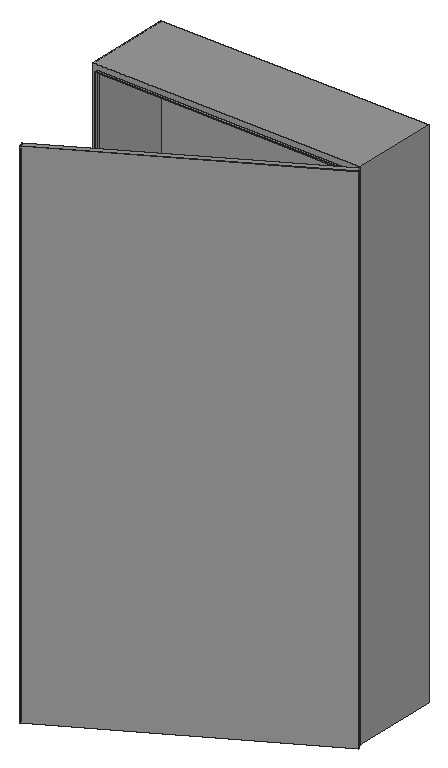
Revit family "Hager-Univers-IP55-D275-H1550-Cl.II-Steel_encl-NoHosted-PL-en", category Equipement électrique, Revit 2020
Family settings
  Configuration du panneau = Deux colonnes, circuits au sein
  Cote de connecteur circulaire = Utiliser le diamètre
  Type d'élément = Tableau de raccordement
  Basée sur le plan de construction = Oui
  Toujours verticalement = Oui
  Couper avec des vides une fois chargée = Non
  Partagée = Non
  Point de calcul de pièce = Non
Parameters (values of type "Surface mounted (plaster) IP55 W800 H1550 D275  - FR03S")
  Width Control [instance] = if([EF000008 - Width] > Min Width, [EF000008 - Width], Min Width)  # 800 mm
  Commentaires du type = [HG000003 - Range]  # "Univers"
  Thickness Door [instance] = if([EF009171 - Material plate thickness door/cover] > 3 mm, 3 mm, [EF009171 - Material plate thickness door/cover])  # 1.5 mm
  Seal Frame Offset [instance] = 17 mm  # constant formula
  Plinth Visibility [instance] = [HG000027 - Plinth height] > 0 mm  # no
  Min Width [instance] = 100 mm  # constant formula
  Min Depth [instance] = (2 * [EF009170 - Material plate thickness cabinet]) + 1 mm  # 4 mm
  Min Height [instance] = 100 mm  # constant formula
  Internal Frame Depth [instance] = (Door System Depth * 0.5)  # 9 mm
  Panel Name [instance] = ""  # (empty or 0)
  Model = ""
  HG000027 - Plinth height = 0 mm
  HG000026 - Floor standing = no
  HG000024 - Bottom section height = 600 mm
  HG000023 - Double section enclosure = no
  HG000016 - Door 3d visibility [instance] = yes
  HG000015 - Clearance visibility [instance] = no
  HG000014 - Door on the right [instance] = yes
  HG000013 - Door on the left [instance] = not([HG000014 - Door on the right])  # no
  HG000012 - Door swing angle [instance] = 30.00°
  HG000010 - Asymmetric doors = no
  HG000009 - Double swing door = no
  HG000006 - Flush mounted = no
  HG000004 - Manufacturer reference = "FR03S"
  HG000003 - Range = "Univers"
  HG000002 - With door or cover = yes
  Frame Offset Bottom [instance] = 10 mm  # constant formula
  Frame Offset [instance] = 15 mm  # constant formula
  EF015940 - Cover with overpressure release = no
  EF011959 - Degree of protection (NEMA) = ""
  EF009554 - Number of openings for flange plates = 6
  EF009212 - Cover model = "EV000116 - Closed"
  EF009171 - Material plate thickness door/cover = 1.5 mm
  EF009170 - Material plate thickness cabinet = 1.5 mm
  EF008873 - Nominal current (In) = 800 A
  EF007800 - Suitable for lightning protection = no
  EF006306 - With lock = no
  EF006244 - Transparent cover/door = no
  EF005474 - Degree of protection (IP) = "EV006420 - IP55"
  EF004464 - Type of door = "EV002646 - Single"
  EF004427 - Number of modules = 360
  EF004293 - Impact strength = "EV008784 - IK10"
  EF003532 - Suitable for outdoor use = no
  EF002950 - Width in number of modular spacings = 24
  EF001613 - Circuit integrity = "EV000494 - None"
  EF001596 - Material housing = "EV000179 - Steel"
  EF001131 - Internal depth = 275 mm
  EF001088 - Extension possible = yes
  EF000437 - Number of conduit inlets = 6
  EF000339 - Type of cover = "EV004216 - Door"
  EF000266 - Number of rows = 10
  EF000218 - Built-in depth = 0 mm
  EF000118 - With mounting plate = no
  EF000116 - RAL-number = "7035"
  EF000049 - Depth = 275 mm
  EF000040 - Height = 1550 mm
  EF000008 - Width = 800 mm
  EF000007 - Colour = "EV000270 - Grey"
  EF000003 - Mounting method = "EV000384 - Surface mounted (plaster)"
  Door System Leaf Tolerance [instance] = 1.5 mm  # constant formula
  Door System Depth [instance] = 18 mm  # constant formula
  Door Height [instance] = Height Control - [HG000027 - Plinth height]  # 1550 mm
  Description = ""
  Default Elevation = 1219.2 mm
  Connector Offset [instance] = Height Control / 2  # 775 mm
  Fabricant = "Hager"  # constant formula
  Height Control [instance] = if([EF000040 - Height] > Min Height, [EF000040 - Height], Min Height)  # 1550 mm
  Depth Control [instance] = if([EF000049 - Depth] > Min Depth, [EF000049 - Depth], Min Depth)  # 275 mm
  Bottom Top Plate Trim [instance] = 1.5 mm  # constant formula
  Plinth height Ctrl [instance] = if([HG000027 - Plinth height] > 0 mm, [HG000027 - Plinth height], 12 mm)  # 12 mm
Types (5, lengths in mm): name | Width Control | HG000010 - Asymmetric doors | HG000009 - Double swing door | HG000004 - Manufacturer reference | EF009554 - Number of openings for flange plates | EF004464 - Type of door | EF004427 - Number of modules | EF000437 - Number of conduit inlets | EF000008 - Width
  Surface mounted (plaster) IP55 W1050 H1550 D275  - FR04S | 1050 | no | yes | "FR04S" | 8 | "EV003602 - Double" | 480 | 8 | 1050
  Surface mounted (plaster) IP55 W1300 H1550 D275  - FR05S | 1300 | yes | yes | "FR05S" | 10 | "EV003602 - Double" | 600 | 10 | 1300
  Surface mounted (plaster) IP55 W300 H1550 D275  - FR01S | 300 | no | no | "FR01S" | 2 | "EV002646 - Single" | 120 | 2 | 300
  Surface mounted (plaster) IP55 W550 H1550 D275  - FR02S | 550 | no | no | "FR02S" | 4 | "EV002646 - Single" | 240 | 4 | 550
  Surface mounted (plaster) IP55 W800 H1550 D275  - FR03S | 800 | no | no | "FR03S" | 6 | "EV002646 - Single" | 360 | 6 | 800
Reference planes
  plane 1 "Center (Front/Back)": y = 0
  plane 2: z = 0
  plane 3 "Center (Left/Right)": x = 0
  plane 4: y = 0
  plane 5: y = 0
  plane 6: z = 0
  plane 7: x = -400
  plane 8: x = 400
  plane 9: x = 398.5
  plane 10: x = -398.5
  plane 11: z = 0
  plane 12: z = 1.5
  plane 13: y = -275
  plane 14: y = -1.5
  plane 15: x = 0
  plane 16: y = -257
  plane 17: y = -273.5
  plane 18: y = -255.5
  plane 19: x = -383.5
  plane 20: x = 383.5
  plane 21: z = 11.5
  plane 22: x = -383
  plane 23: x = 383
  plane 24: z = 0
  plane 25: z = 1550
  plane 26: z = 1550
  plane 27: z = 1533.5
  plane 28: z = 1548.5
Forms (mm)
  Extrusion 1, solid, material "Hager_Steel_RAL7035_Light_Grey", detail levels medium+fine
    sketch origin (-208.679, -4572, 0) x (-1, 0, 0) y (0, -1, 0)
      loop
        line (191.321, -4315) -> (-608.679, -4315) -> (-608.679, -4572) -> (191.321, -4572) -> (191.321, -4315)
    from 0 to 1550
  Extrusion 2, void
    sketch origin (-350.771, -275, 1219.2) x (1, 0, 0) y (0, 0, 1)
      loop
        line (-47.729, 329.3) -> (-47.729, -1217.7) -> (749.271, -1217.7) -> (749.271, 329.3) -> (-47.729, 329.3)
    from -19.5 to -273.5
  Extrusion 3, void
    sketch origin (-290.084, -257, 1219.2) x (1, 0, 0) y (0, 0, 1)
      loop
        line (-93.416, -1207.7) -> (673.584, -1207.7) -> (673.584, 314.3) -> (-93.416, 314.3) -> (-93.416, -1207.7)
    from 0 to -1.5
  Extrusion 4, solid, material "Hager_Steel_RAL7035_Light_Grey", visible <- "Plinth Visibility", detail levels medium+fine
    sketch origin (0, 0, 0) x (1, 0, 0) y (0, 1, 0)
      loop
        line (-400, 0) -> (-400, -257) -> (400, -257) -> (400, 0) -> (-400, 0)
    from 0 to 12 <- "Plinth height Ctrl"
  Extrusion 5, solid, material "Hager_Steel_RAL7035_Light_Grey", detail levels coarse
    sketch origin (0, 0, 0) x (1, 0, 0) y (0, 1, 0)
      loop
        line (-400, 0) -> (-400, -275) -> (400, -275) -> (400, 0) -> (-400, 0)
    from 0 to 1550 <- "Height Control"
  Sweep 6, void
    path in 3D
      loop
        line (-400, -257, 12) -> (400, -257, 12) -> (400, 0, 12) -> (-400, 0, 12) -> (-400, -257, 12)
    profile origin (-400, -128.5, 12) x (1, 0, 0) y (0, 0, 1)
      loop
        line (0, 0) -> (0, -1.5) -> (1.5, -1.5)
        arc (1.5, -1.5) -> (1.061, -0.439) -> (0, 0) r 1.5
  Extrusion 7, solid, material "Hager_Steel_RAL7035_Light_Grey", detail levels fine
    sketch origin (-400, -257, 0) x (1, 0, 0) y (0, 0, 1)
      loop
        line (16.5, 11.5) -> (783.5, 11.5) -> (783.5, 1533.5) -> (16.5, 1533.5) -> (16.5, 11.5)
      loop
        line (15, 10) -> (785, 10) -> (785, 1535) -> (15, 1535) -> (15, 10)
    from 0 to 9 <- "Internal Frame Depth"
Cuts and joins
  Extrusion 2, Extrusion 3 cuts Extrusion 1
  Sweep 6 cuts Extrusion 4
Lines and regions (mm)
  Masking region 1
    outline origin (0, 0, 0) x (1, 0, 0) y (0, 1, 0)
      loop
        line (-400, 0) -> (-400, -275) -> (400, -275) -> (400, 0) -> (-400, 0)
  Masking region 2, detail levels coarse
    outline origin (-290.084, -257, 1219.2) x (-1, 0, 0) y (0, 0, 1)
      loop
        line (-690.084, -1219.2) -> (109.916, -1219.2) -> (109.916, 330.8) -> (-690.084, 330.8) -> (-690.084, -1219.2)
  Masking region 3, detail levels coarse
    outline origin (0, 0, 0) x (0, 1, 0) y (0, 0, 1)
      loop
        line (0, 0) -> (0, 1550) -> (-275, 1550) -> (-275, 0) -> (0, 0)
  Masking region 4, visible <- "Plinth Visibility", detail levels medium+fine
    outline origin (0, 0, 0) x (0, 1, 0) y (0, 0, 1)
      loop
        line (-1.5, 12) -> (-255.5, 12)
        arc (-255.5, 12) -> (-255.939, 10.939) -> (-257, 10.5) r 1.5
        line (-257, 10.5) -> (-257, 0) -> (0, 0) -> (0, 10.5)
        arc (0, 10.5) -> (-1.061, 10.939) -> (-1.5, 12) r 1.5
  Masking region 5, detail levels medium+fine
    outline origin (0, 0, 594.038) x (0, 1, 0) y (0, 0, 1)
      loop
        line (0, -594.038) -> (0, 955.962) -> (-257, 955.962) -> (-257, -594.038) -> (0, -594.038)
  Masking region 6, detail levels medium+fine
    outline origin (-359.7, -257, 1211.883) x (-1, 0, 0) y (0, 0, 1)
      loop
        line (-759.7, -1211.883) -> (40.3, -1211.883) -> (40.3, 338.117) -> (-759.7, 338.117) -> (-759.7, -1211.883)
  Masking region 7, visible <- "Plinth Visibility", detail levels medium+fine
    outline origin (-320.334, -257, 1041.368) x (-1, 0, 0) y (0, 0, 1)
      loop
        line (-720.334, -1041.368) -> (79.666, -1041.368) -> (79.666, -1030.868)
        arc (79.666, -1030.868) -> (78.606, -1030.429) -> (78.166, -1029.368) r 1.5
        line (78.166, -1029.368) -> (-718.834, -1029.368)
        arc (-718.834, -1029.368) -> (-719.273, -1030.429) -> (-720.334, -1030.868) r 1.5
        line (-720.334, -1030.868) -> (-720.334, -1041.368)
  sketch lines
    curve 1: line (-400, 0, 12) -> (-400, -257, 12)
    curve 2: line (-400, -257, 12) -> (400, -257, 12)
    curve 3: line (400, 0, 12) -> (-400, 0, 12)
    curve 4: line (400, -257, 12) -> (400, 0, 12)
Dimensions and locks
  locked: plane 1 "Center (Front/Back)" to plane 5
  "EF009170 - Material plate thickness cabinet": plane 7 to plane 10
  "EF009170 - Material plate thickness cabinet": plane 8 to plane 9
  equal spacing: plane 7, plane 3 "Center (Left/Right)", plane 8
  "Width Control": plane 7 to plane 8
  "Depth Control": plane 4 to plane 13
  "EF009170 - Material plate thickness cabinet": plane 4 to plane 14
  "Height Control": plane 25 to level
  "HG000027 - Plinth height": plane 11 to level
  "EF009170 - Material plate thickness cabinet": plane 12 to plane 11
  "EF009170 - Material plate thickness cabinet": plane 17 to plane 13
  "EF009170 - Material plate thickness cabinet": plane 18 to plane 16
  "Frame Offset Bottom": plane 21 to plane 12
  "Frame Offset": plane 10 to plane 19
  "Frame Offset": plane 9 to plane 20
  "Door System Depth": plane 16 to plane 13
  "Seal Frame Offset": plane 7 to plane 22
  "Seal Frame Offset": plane 8 to plane 23
  "EF009170 - Material plate thickness cabinet": plane 26 to plane 28
  "Frame Offset": plane 28 to plane 27
  "Connector Offset": plane 2 to connector elem
  "Bottom Top Plate Trim": profile plane to Sweep 6 sketch curve
  "Bottom Top Plate Trim": Sweep 6 sketch curve to Sweep 6 sketch curve
  "Plinth height Ctrl": Masking region 4 sketch curve to level
  "Plinth height Ctrl": Masking region 7 sketch curve to level
  "Thickness Door": Extrusion 7 sketch curve to Extrusion 7 sketch curve  (x4)
  "Bottom Top Plate Trim": radius of Sweep 6 sketch curve
  "Bottom Top Plate Trim": radius of Masking region 4 sketch curve  (x2)
  "Bottom Top Plate Trim": radius of Masking region 7 sketch curve  (x2)
  aligned and locked: Extrusion 2 sketch curve to plane 12
  aligned and locked: Extrusion 2 sketch curve to plane 9
  aligned and locked: Extrusion 2 sketch curve to plane 10
  aligned and locked: Extrusion 2 to plane 14
  aligned and locked: Extrusion 1 sketch curve to plane 4
  aligned and locked: plane 8 to Extrusion 1 sketch curve
  aligned and locked: plane 7 to Extrusion 1 sketch curve
  aligned and locked: Extrusion 2 to plane 18
  aligned and locked: Extrusion 3 sketch curve to plane 19
  aligned and locked: plane 20 to Extrusion 3 sketch curve
  aligned and locked: Extrusion 3 to Extrusion 2
  aligned and locked: Extrusion 3 sketch curve to plane 21
  aligned and locked: plane 3 "Center (Left/Right)" to nested 1
  aligned and locked: Extrusion 1 sketch curve to plane 16
  aligned and locked: Extrusion 4 sketch curve to cut or joined group of Extrusion 1, Extrusion 2, Extrusion 3
  aligned and locked: Masking region 1 sketch curve to plane 7
  aligned and locked: Masking region 1 sketch curve to plane 5
  aligned and locked: Masking region 1 sketch curve to plane 8
  aligned and locked: Masking region 2 sketch curve to level
  aligned and locked: level to Masking region 3 sketch curve
  aligned and locked: plane 1 "Center (Front/Back)" to Masking region 3 sketch curve
  aligned and locked: plane 13 to Masking region 3 sketch curve
  aligned and locked: plane 5 to Masking region 4 sketch curve
  aligned and locked: Masking region 2 sketch curve to plane 8
  aligned and locked: Masking region 2 sketch curve to plane 7
  aligned and locked: plane 7 to nested 2
  aligned and locked: nested 2 to plane 5
  aligned and locked: plane 5 to Masking region 5 sketch curve
  aligned and locked: plane 26 to Masking region 5 sketch curve
  aligned and locked: Extrusion 5 sketch curve to plane 8
  aligned and locked: Extrusion 5 sketch curve to plane 7
  aligned and locked: Extrusion 5 sketch curve to plane 5
  aligned and locked: Extrusion 3 sketch curve to plane 27
  aligned and locked: Extrusion 2 sketch curve to plane 28
  aligned and locked: Masking region 2 to plane 25
  aligned and locked: Extrusion 4 to plane 16
  aligned and locked: profile plane to Sweep 6 sketch curve
  aligned and locked: Masking region 5 sketch curve to plane 24
  aligned and locked: level to Masking region 4 sketch curve
  aligned and locked: Masking region 1 to plane 13
  aligned and locked: nested 1 to plane 16
  aligned and locked: Masking region 3 to plane 25
  aligned and locked: plane 16 to Masking region 4 sketch curve
  aligned and locked: Masking region 5 sketch curve to plane 16
  aligned and locked: plane 24 to plane 11
  aligned and locked: plane 26 to plane 25
  aligned and locked: plane 26 to cut or joined group of Extrusion 1, Extrusion 2, Extrusion 3
  aligned and locked: nested 1 to plane 24
  aligned and locked: Extrusion 1 to Extrusion 3
  aligned and locked: Masking region 6 sketch curve to plane 8
  aligned and locked: Masking region 6 sketch curve to plane 24
  aligned and locked: Masking region 6 sketch curve to plane 7
  aligned and locked: Masking region 6 sketch curve to plane 26
  aligned and locked: Masking region 7 sketch curve to plane 7
  aligned and locked: level to Masking region 7 sketch curve
  aligned and locked: Masking region 7 sketch curve to plane 8
  aligned and locked: Extrusion 7 sketch curve to cut or joined group of Extrusion 1, Extrusion 2, Extrusion 3  (x4)
Automatic sketch dimensions
  plane 19 to Extrusion 3 sketch curve = 0 mm
  Extrusion 3 sketch curve to plane 20 = 0 mm
  Extrusion 3 sketch curve to plane 21 = 0 mm
  Extrusion 4 sketch curve to plane 7 = 0 mm
  Extrusion 4 sketch curve to plane 8 = 0 mm
  Extrusion 4 sketch curve to plane 16 = 0 mm
  Masking region 1 sketch curve to plane 13 = 0 mm
  Masking region 2 sketch curve to plane 25 = 0 mm
  Masking region 3 sketch curve to plane 25 = 0 mm
  Extrusion 5 sketch curve to plane 13 = 0 mm
  profile plane to Sweep 6 sketch curve = 0 mm
Nested families
  nested 1: "EC000058_Univers_Door" at (0, -257, 0), Double <- "HG000009 - Double swing door", Transparent <- "EF006244 - Transparent cover/door", Angle <- "HG000012 - Door swing angle", Door_Right <- "HG000014 - Door on the right", Assymetrical <- "HG000010 - Asymmetric doors", Door <- "HG000002 - With door or cover", Width_Ctrl <- "Width Control", 3d_Door <- "HG000016 - Door 3d visibility", Clearance <- "HG000015 - Clearance visibility", Door_Left <- "HG000013 - Door on the left", Width <- "Width Control", Door_Depth <- "Door System Depth", Leaf_Tolerance <- "Door System Leaf Tolerance", Height <- "Door Height", Lock_Visibility <- "EF006306 - With lock", Thickness <- "Thickness Door", type "EC000058_Univers_Door", detail levels medium+fine
    with min_wh 4 mm, Width_Ctrl 800 mm, Width 800 mm, Transparent no, Thickness 1.5 mm, Seal_Material Hager_Rubber, Lock_Visibility no, Lock_Material Hager_Plastic_RAL9005_Jet_Black, Leaf_Width 800 mm, Leaf_Tolerance_External_Sides 0 mm, Leaf_Tolerance 1.5 mm, Leaf_Offset 0 mm, Leaf_Height 1547 mm, Leaf_2_Width 800 mm, Leaf_2_Offset 400 mm, Leaf_1_Width 800 mm, Leaf_1_Offset 400 mm, Height_Ctrl 1550 mm, Height 1550 mm, Glass_Material Hager_Glass, Double_Clearance_Ctrl no, Double no, Door_Right_Ctrl yes, Door_Right yes, Door_Material Hager_Steel_RAL7035_Light_Grey, Door_Left_Ctrl no, Door_Left no, Door_Depth 18 mm, Door yes, Clearance_Material Hager_Clearance, Clearance_Depth 800 mm, Clearance_Ctrl no, Clearance no, Assymetrical no, Angle 30.00°, 3d_Door yes
  nested 2: "Hager_Enclosure_Symbol" at (-400, 0, 0), Height <- "Depth Control", Width <- "Width Control", type "Hager_Enclosure_Symbol"
    with Width_Ctrl 800 mm, Width 800 mm, Height_Ctrl 275 mm, Height 275 mm, A_Width_Int 18.047 mm, A_Width 216.562 mm, A_Height_Ctrl 240.625 mm, A_Height 240.625 mm
Connectors
  electrical at (0, 0, 775)
    settings: on plane 1 "Center (Front/Back)", index 1, voltage 0 V, apparent load 0 VA, apparent load phase1 0 VA, apparent load phase2 0 VA, apparent load phase3 0 VA, power factor 1, load classification "Other", number of poles 1, system type 30, power factor state 1, is connector primary yes, connector utility no, sub classification motor no, connector description ""
Definition of nested family "EC000058_Univers_Door"
  Parameters (values of type "EC000058_Univers_Door")
    min_wh [instance] = (2 * Thickness) + 1 mm  # 11 mm
    Width_Ctrl [instance] = 400 mm
    Width [instance] = 500 mm
    Transparent [instance] = yes
    Thickness [instance] = 5 mm
    Seal_Material [instance] = none
    Lock_Visibility [instance] = yes
    Lock_Material [instance] = none
    Leaf_Width [instance] = if((Width_Ctrl - 2 * Leaf_Tolerance_External_Sides) > 0 mm, (Width_Ctrl - 2 * Leaf_Tolerance_External_Sides), min_wh)  # 400 mm
    Leaf_Tolerance_External_Sides [instance] = 0 mm  # constant formula
    Leaf_Tolerance [instance] = 1.5 mm
    Leaf_Offset [instance] = 0 mm  # constant formula
    Leaf_Height [instance] = if((Height_Ctrl - 2 * Leaf_Tolerance) > 0 mm, (Height_Ctrl - 2 * Leaf_Tolerance), min_wh)  # 497 mm
    Leaf_2_Width [instance] = if(and(and(Double, Assymetrical), Door_Left), (Leaf_Width / 3) - (Leaf_Tolerance / 2), if(and(and(Double, Assymetrical), Door_Right), (Leaf_Width / 3) * 2 - (Leaf_Tolerance / 2), if(and(Double, not(Assymetrical)), (Leaf_Width / 2) - Leaf_Tolerance, Leaf_Width)))  # 400 mm
    Leaf_2_Offset [instance] = if(and(Double, Assymetrical), Leaf_2_Width / 2, if(and(Double, not(Assymetrical)), Leaf_Width / 4, Leaf_Width / 2))  # 200 mm
    Leaf_1_Width [instance] = if(and(and(Double, Assymetrical), Door_Right), (Leaf_Width / 3) - (Leaf_Tolerance / 2), if(and(and(Double, Assymetrical), Door_Left), (Width / 3) * 2 - (Leaf_Tolerance / 2), if(and(Double, not(Assymetrical)), (Leaf_Width / 2) - Leaf_Tolerance, Leaf_Width)))  # 400 mm
    Leaf_1_Offset [instance] = if(and(Double, Assymetrical), Leaf_1_Width / 2, if(and(Double, not(Assymetrical)), Leaf_Width / 4, Leaf_Width / 2))  # 200 mm
    Height_Ctrl [instance] = if(Height > min_wh, Height, min_wh)  # 500 mm
    Height [instance] = 500 mm
    Glass_Material [instance] = none
    Double_Clearance_Ctrl [instance] = and(Double, Clearance)  # no
    Double [instance] = no
    Door_Right_Ctrl [instance] = and(or(Door_Right, Double), Door)  # yes
    Door_Right [instance] = yes
    Door_Material [instance] = none
    Door_Left_Ctrl [instance] = and(or(Door_Left, Double), Door)  # no
    Door_Left [instance] = no
    Door_Depth [instance] = 30 mm
    Door [instance] = yes
    Default Elevation = 1219.2 mm
    Clearance_Material [instance] = none
    Clearance_Depth [instance] = if(Leaf_1_Width > Leaf_2_Width, Leaf_1_Width, Leaf_2_Width)  # 400 mm
    Clearance_Ctrl [instance] = and(not(Double), Clearance)  # yes
    Clearance [instance] = yes
    Assymetrical [instance] = yes
    Angle [instance] = 30.00°
    3d_Door [instance] = yes
  Reference planes
    plane 1 "Center (Front/Back)": y = 0
    plane 2 "Bottom": z = 0
    plane 3 "Center (Left/Right)": x = 0
    plane 4: z = 500
    plane 5: x = -200
    plane 6: x = 200
    plane 7: z = 500
    plane 8: x = -200
    plane 9: z = 0
    plane 10: x = 200
    plane 11: y = 0
    plane 12: z = 1.5
    plane 13: x = -600
    plane 14: y = -400
    plane 15: x = 600
    plane 16: x = 0
    plane 17: x = 0
    plane 18: x = -200
    plane 19: x = 200
    plane 20: z = 498.5
  Forms (mm)
    Extrusion 1, solid, material <- "Clearance_Material", visible <- "Double_Clearance_Ctrl"
      sketch origin (1200, 0, 0) x (1, 0, 0) y (0, 0, -1)
        loop
          line (-1800, -498.5) -> (-600, -498.5) -> (-600, 0) -> (-1800, 0) -> (-1800, -498.5)
      from 0 to -400
  Dimensions and locks
    equal spacing: plane 5, plane 3 "Center (Left/Right)", plane 6
    "Width_Ctrl": plane 5 to plane 6
    "Leaf_Offset": plane 5 to plane 8
    "Leaf_Offset": plane 6 to plane 10
    "Leaf_Offset": plane 9 to level
    "Leaf_Offset": plane 4 to plane 7
    "Height_Ctrl": plane 4 to level
    "Leaf_Tolerance": plane 12 to plane 9
    locked: plane 11 to plane 1 "Center (Front/Back)"
    "Leaf_1_Offset": plane 18 to plane 16
    "Leaf_2_Offset": plane 17 to plane 19
    "Leaf_1_Width": plane 13 to plane 8
    "Leaf_2_Width": plane 10 to plane 15
    "Clearance_Depth": plane 14 to plane 1 "Center (Front/Back)"
    "Leaf_Tolerance_External_Sides": plane 8 to plane 18
    "Leaf_Tolerance_External_Sides": plane 19 to plane 10
    "Leaf_Tolerance": plane 7 to plane 20
    aligned and locked: level to plane 2 "Bottom"
    aligned and locked: nested 1 to plane 16
    aligned and locked: nested 2 to plane 17
    aligned and locked: Extrusion 1 to plane 13
    aligned and locked: plane 15 to Extrusion 1
    aligned and locked: Extrusion 1 to plane 14
    aligned and locked: plane 12 to nested 1
    aligned and locked: nested 2 to plane 12
    aligned and locked: Extrusion 1 to plane 11
    aligned and locked: plane 20 to Extrusion 1
    aligned and locked: nested 2 to plane 11
    aligned and locked: nested 1 to plane 11
  Automatic sketch dimensions
    Extrusion 1 sketch curve to level = 0 mm
    plane 5 to Extrusion 1 sketch curve = 400 mm
    plane 6 to Extrusion 1 sketch curve = 400 mm
    Extrusion 1 sketch curve to plane 4 = 1.5 mm
  Nested families
    nested 1: "EC000058_Univers_Door_Leaf" at (0, 0, 1.5), Width <- "Leaf_1_Width", visible <- "Door_Left_Ctrl", Leaf_Height <- "Leaf_Height", Angle <- "Angle", 3d_Door <- "3d_Door", Transparent <- "Transparent", Clearance Material <- "Clearance_Material", Clearance <- "Clearance_Ctrl", Door_Material <- "Door_Material", Glass_Material <- "Glass_Material", Door_Depth <- "Door_Depth", Lock_Material <- "Lock_Material", Seal_Material <- "Seal_Material", Lock_Visibility <- "Lock_Visibility", Thickness <- "Thickness", type "EC000058_Univers_Door_Leaf"
      with Width 400 mm, Transparent_Glass_Offset 30 mm, Transparent_Ctrl yes, Transparent yes, Thickness 5 mm, Standard no, Seal_Material none, Seal_D2 8 mm, Seal_D1 1 mm, Offset_Internal_Frame 10 mm, Lock_Width 20 mm, Lock_Visibility_3d yes, Lock_Visibility yes, Lock_Thickness_3 3 mm, Lock_Thickness_2 1 mm, Lock_Thickness_1 3 mm, Lock_Radius_Offset_2 16 mm, Lock_Radius_Offset_1 15 mm, Lock_Radius_2 5 mm, Lock_Radius 6 mm, Lock_Offset 5 mm, Lock_Material none, Lock_Height 80 mm, Lock_Cover_Top_Offset_2d 17 mm, Lock_Cover_Height -65 mm, Leaf_Height 497 mm, Internal_Seal_Thickness 8 mm, Internal_Seal_Depth_2 4.5 mm, Internal_Frame_Depth 25 mm, Glass_Thickness -1 mm, Glass_Offset -2 mm, Glass_Material none, Door_Material none, Door_Depth 30 mm, Clearance Material none, Clearance yes, Angle_Ctrl 30.00°, Angle 30.00°, 3d_Door yes
    nested 2: "EC000058_Univers_Door_Leaf" at (0, 0, 1.5) x (-1, 0, 0) z (0, 0, 1), Width <- "Leaf_2_Width", visible <- "Door_Right_Ctrl", Leaf_Height <- "Leaf_Height", Angle <- "Angle", 3d_Door <- "3d_Door", Transparent <- "Transparent", Clearance Material <- "Clearance_Material", Clearance <- "Clearance_Ctrl", Door_Material <- "Door_Material", Glass_Material <- "Glass_Material", Door_Depth <- "Door_Depth", Lock_Material <- "Lock_Material", Seal_Material <- "Seal_Material", Lock_Visibility <- "Lock_Visibility", Thickness <- "Thickness", type "EC000058_Univers_Door_Leaf"
      with Width 400 mm, Transparent_Glass_Offset 30 mm, Transparent_Ctrl yes, Transparent yes, Thickness 5 mm, Standard no, Seal_Material none, Seal_D2 8 mm, Seal_D1 1 mm, Offset_Internal_Frame 10 mm, Lock_Width 20 mm, Lock_Visibility_3d yes, Lock_Visibility yes, Lock_Thickness_3 3 mm, Lock_Thickness_2 1 mm, Lock_Thickness_1 3 mm, Lock_Radius_Offset_2 16 mm, Lock_Radius_Offset_1 15 mm, Lock_Radius_2 5 mm, Lock_Radius 6 mm, Lock_Offset 5 mm, Lock_Material none, Lock_Height 80 mm, Lock_Cover_Top_Offset_2d 17 mm, Lock_Cover_Height -65 mm, Leaf_Height 497 mm, Internal_Seal_Thickness 8 mm, Internal_Seal_Depth_2 4.5 mm, Internal_Frame_Depth 25 mm, Glass_Thickness -1 mm, Glass_Offset -2 mm, Glass_Material none, Door_Material none, Door_Depth 30 mm, Clearance Material none, Clearance yes, Angle_Ctrl 30.00°, Angle 30.00°, 3d_Door yes
  Definition of nested family "EC000058_Univers_Door_Leaf"
    Parameters (values of type "EC000058_Univers_Door_Leaf")
      Width [instance] = 2000 mm
      Transparent_Glass_Offset [instance] = 30 mm
      Transparent_Ctrl [instance] = and(Transparent, [3d_Door])  # yes
      Transparent [instance] = yes
      Thickness [instance] = 5 mm
      Standard [instance] = and(not(Transparent), [3d_Door])  # no
      Seal_Material [instance] = none
      Seal_D2 [instance] = 8 mm  # constant formula
      Seal_D1 [instance] = 1 mm  # constant formula
      Offset_Internal_Frame [instance] = 10 mm  # constant formula
      Lock_Width [instance] = 20 mm  # constant formula
      Lock_Visibility_3d [instance] = and(Lock_Visibility, [3d_Door])  # yes
      Lock_Visibility [instance] = yes
      Lock_Thickness_3 [instance] = 3 mm  # constant formula
      Lock_Thickness_2 [instance] = 1 mm  # constant formula
      Lock_Thickness_1 [instance] = 3 mm  # constant formula
      Lock_Radius_Offset_2 [instance] = Lock_Radius_Offset_1 + 1 mm  # 16 mm
      Lock_Radius_Offset_1 [instance] = 15 mm  # constant formula
      Lock_Radius_2 [instance] = Lock_Radius - 1 mm  # 5 mm
      Lock_Radius [instance] = 6 mm  # constant formula
      Lock_Offset [instance] = 5 mm  # constant formula
      Lock_Material [instance] = none
      Lock_Height [instance] = 80 mm  # constant formula
      Lock_Cover_Top_Offset_2d [instance] = Lock_Radius_Offset_2 + 1 mm  # 17 mm
      Lock_Cover_Height [instance] = -(Lock_Height - Lock_Radius_Offset_1)  # -65 mm
      Leaf_Height [instance] = 2720.336 mm
      Internal_Seal_Thickness [instance] = 8 mm  # constant formula
      Internal_Seal_Depth_2 [instance] = 4.5 mm  # constant formula
      Internal_Frame_Depth [instance] = if(Door_Depth - Thickness > 5 mm, Door_Depth - Thickness, 5 mm)  # 25 mm
      Glass_Thickness [instance] = if(Thickness > 15 mm, Glass_Offset + 10 mm, -1 mm)  # -1 mm
      Glass_Offset [instance] = if(Thickness > 15 mm, -(Thickness + 10 mm) / 2, -2 mm)  # -2 mm
      Glass_Material [instance] = none
      Door_Material [instance] = none
      Door_Depth [instance] = 30 mm
      Default Elevation = 0 mm
      Clearance Material [instance] = none
      Clearance [instance] = yes
      Angle_Ctrl [instance] = if(Angle > 180.00°, 180.00°, Angle)  # 90.00°
      Angle [instance] = 90.00°
      3d_Door [instance] = yes
    Reference planes
      plane 1 "Center (Front/Back)": y = 0
      plane 2: z = 0
      plane 3 "Center (Left/Right)": x = 0
      plane 4: y = 2000
      plane 5: x = -1000
      plane 6: x = 1000
      plane 7: x = -3000
      plane 8: z = 2720.336
      plane 9: z = 30
      plane 10: z = 2690.336
      plane 11: x = 970
      plane 12: x = -970
      plane 13: y = -3
      plane 14: z = 107.833
      plane 15: y = -5
      plane 16: y = -223.314
      plane 17: x = -1000
      plane 18: z = 1360.168
      plane 19: y = 30
    Forms (mm)
      Extrusion 1, solid, material <- "Clearance Material", visible <- "Clearance"
        sketch origin (0, 0, 0) x (1, 0, 0) y (0, 0, 1)
          loop
            line (-3000, 2720.336) -> (-3000, 0) -> (1000, 0) -> (1000, 2720.336) -> (-3000, 2720.336)
        from 0 to -2000
      Extrusion 2, solid, material <- "Door_Material", visible <- "Standard", detail levels medium+fine
        sketch origin (-1000, 0, 0) x (0, 1, 0) y (-1, 0, 0)
          loop
            line (0, 30) -> (0, 25) -> (2000, 25) -> (2000, 30) -> (0, 30)
        from 0 to 2720.336 <- "Leaf_Height"
      Extrusion 3, solid, material <- "Door_Material", visible <- "Transparent_Ctrl", detail levels medium+fine
        sketch origin (-1000, 0, 0) x (0, 1, 0) y (-1, 0, 0)
          loop
            line (0, 25) -> (2000, 25) -> (2000, 30) -> (0, 30) -> (0, 25)
        from 0 to 2720.336 <- "Leaf_Height"
      Extrusion 4, void
        sketch origin (-1025, 2000, 0) x (0, 1, 0) y (0, 0, -1)
          loop
            line (-30, -2690.336) -> (-30, -30) -> (-1970, -30) -> (-1970, -2690.336) -> (-30, -2690.336)
        from 0 to 5 <- "Thickness"
      Sweep 5, solid, material <- "Seal_Material", visible <- "Transparent_Ctrl", detail levels fine
        path in 3D
          loop
            line (-1025, 30, 30) -> (-1025, 30, 2690.336) -> (-1025, 1970, 2690.336) -> (-1025, 1970, 30) -> (-1025, 30, 30)
        profile origin (-1025, 1000, 30) x (1, 0, 0) y (0, 0, 1)
          loop
            line (0, 0) -> (0, -8) -> (1, -8) -> (1, 0) -> (0, 0)
      Extrusion 6, solid, material <- "Glass_Material", visible <- "Transparent_Ctrl", detail levels medium+fine
        sketch origin (-1030, 0, 0) x (0, 1, 0) y (0, 0, -1)
          loop
            line (1970, -2690.336) -> (1970, -30) -> (30, -30) -> (30, -2690.336) -> (1970, -2690.336)
        from -2 <- "Glass_Offset" to -1 <- "Glass_Thickness"
      Extrusion 7, solid, material <- "Door_Material", visible <- "3d_Door", detail levels medium+fine
        sketch origin (-1025, 2000, 0) x (0, -1, 0) y (0, 0, -1)
          loop
            line (0, -2720.336) -> (2000, -2720.336) -> (2000, 0) -> (0, 0) -> (0, -2720.336)
          loop
            line (1995, -5) -> (5, -5) -> (5, -2715.336) -> (1995, -2715.336) -> (1995, -5)
        from 0 to 25 <- "Internal_Frame_Depth"
      Sweep 8, solid, material <- "Seal_Material", visible <- "Transparent_Ctrl", detail levels fine
        path in 3D
          loop
            line (-1025, 0, 0) -> (-1025, 2000, 0) -> (-1025, 2000, 2720.336) -> (-1025, 0, 2720.336) -> (-1025, 0, 0)
        profile origin (-1025, 0, 1360.168) x (1, 0, 0) y (0, 1, 0)
          loop
            line (0, 10) -> (2.975, 10)
            arc (2.975, 10) -> (4.053, 10.447) -> (4.5, 11.525) r 1.525
            line (4.5, 11.525) -> (4.5, 16.527)
            arc (4.5, 16.527) -> (4.069, 17.569) -> (3.027, 18) r 1.473
            line (3.027, 18) -> (0, 18) -> (0, 10)
      Extrusion 9, solid, material <- "Lock_Material", visible <- "Lock_Visibility_3d", detail levels fine
        sketch origin (-1030, 0, 0) x (0, 1, 0) y (0, 0, -1)
          loop
            arc (1993.5, -1400.168) -> (1994.561, -1399.729) -> (1995, -1398.668) r 1.5
            line (1995, -1398.668) -> (1995, -1320.168) -> (1975, -1320.168) -> (1975, -1398.668)
            arc (1975, -1398.668) -> (1975.439, -1399.729) -> (1976.5, -1400.168) r 1.5
            line (1976.5, -1400.168) -> (1993.5, -1400.168)
        from 3 <- "Lock_Thickness_1" to 0
      Blend 10, solid, material <- "Lock_Material", visible <- "Lock_Visibility_3d", detail levels fine
        base sketch origin (-1033, 0, 0) x (0, 1, 0) y (0, 0, -1)
          loop
            line (1975, -1320.168) -> (1975, -1398.668)
            arc (1975, -1398.668) -> (1975.439, -1399.729) -> (1976.5, -1400.168) r 1.5
            line (1976.5, -1400.168) -> (1993.5, -1400.168)
            arc (1993.5, -1400.168) -> (1994.561, -1399.729) -> (1995, -1398.668) r 1.5
            line (1995, -1398.668) -> (1995, -1320.168) -> (1975, -1320.168)
        top sketch origin (-1033, 0, 0) x (0, 1, 0) y (0, 0, -1)
          loop
            line (1976, -1320.168) -> (1976, -1398.668)
            arc (1976, -1398.668) -> (1976.146, -1399.022) -> (1976.5, -1399.168) r 0.5
            line (1976.5, -1399.168) -> (1993.5, -1399.168)
            arc (1993.5, -1399.168) -> (1993.854, -1399.022) -> (1994, -1398.668) r 0.5
            line (1994, -1398.668) -> (1994, -1320.168) -> (1976, -1320.168)
        from 0 to 1 <- "Lock_Thickness_2"
      Blend 11, solid, material <- "Lock_Material", visible <- "Lock_Visibility_3d", detail levels fine
        base sketch origin (-1034, 0, 0) x (0, 1, 0) y (0, 0, -1)
          loop
            line (1978, -1320.168) -> (1978, -1384.168)
            arc (1978, -1384.168) -> (1985, -1391.168) -> (1992, -1384.168) r 7
            line (1992, -1384.168) -> (1992, -1320.168) -> (1978, -1320.168)
        top sketch origin (-1034, 0, 0) x (0, 1, 0) y (0, 0, -1)
          loop
            line (1991, -1320.168) -> (1979, -1320.168) -> (1979, -1383.168)
            arc (1979, -1383.168) -> (1985, -1389.168) -> (1991, -1383.168) r 6
            line (1991, -1383.168) -> (1991, -1320.168)
        from 0 to 3 <- "Lock_Thickness_3"
      Extrusion 12, solid, material <- "Lock_Material", visible <- "Lock_Visibility_3d", detail levels fine
        sketch origin (-1030, 1975, 1320.168) x (1, 0, 0) y (0, -1, 0)
          loop
            line (-7, -19) -> (-7, -1) -> (0, -1) -> (0, 0) -> (-8, 0) -> (-8, -20) -> (0, -20) -> (0, -19) -> (-7, -19)
        from 0 to -65 <- "Lock_Cover_Height"
      Extrusion 13, void
        sketch origin (-1038, 1995, 1320.168) x (-1, 0, 0) y (0, 0, -1)
          loop
            line (-5, -65) -> (0, -65) -> (-5, -60) -> (-5, -65)
        from 0 to 20 <- "Lock_Width"
      Extrusion 14, void
        sketch origin (-1038, 1975, 1320.168) x (0, -1, 0) y (0, 0, -1)
          loop
            circle (-10, -15.995) r 6
          loop
            circle (-10, -15.995) r 5
        from 0 to 2
      Extrusion 15, solid, material <- "Lock_Material", visible <- "Lock_Visibility_3d", detail levels medium
        sketch origin (-1030, 0, 0) x (0, 1, 0) y (0, 0, -1)
          loop
            arc (1993.5, -1400.168) -> (1994.561, -1399.729) -> (1995, -1398.668) r 1.5
            line (1995, -1398.668) -> (1995, -1320.168) -> (1975, -1320.168) -> (1975, -1398.668)
            arc (1975, -1398.668) -> (1975.439, -1399.729) -> (1976.5, -1400.168) r 1.5
            line (1976.5, -1400.168) -> (1993.5, -1400.168)
        from 8 to 0
    Cuts and joins
      Extrusion 4 cuts Extrusion 3
      Extrusion 13, Extrusion 14 cuts Extrusion 9
      Extrusion 14 cuts Blend 11
      Extrusion 13, Extrusion 14 cuts Extrusion 12
      joined: Extrusion 9, Blend 10, Blend 11, Extrusion 12
      Extrusion 14 cuts Extrusion 15
    Lines and regions (mm)
      Masking region 1, visible <- "Lock_Visibility", detail levels fine
        outline origin (0, 0, 0) x (0, 1, 0) y (0, 0, 1)
          loop
            line (30, 1320.168) -> (33, 1320.168) -> (33, 1400.168) -> (30, 1400.168) -> (30, 1320.168)
      Masking region 2, visible <- "Lock_Visibility", detail levels fine
        outline origin (0, 3.143, 0) x (0, 1, 0) y (0, 0, 1)
          loop
            line (29.857, 1354.168) -> (30.857, 1354.168) -> (30.857, 1366.168) -> (29.857, 1366.168) -> (29.857, 1354.168)
      Masking region 3, detail levels medium+fine
        outline origin (0, 0, 0) x (0, 1, 0) y (0, 0, 1)
          loop
            line (0, 0) -> (30, 0) -> (30, 2720.336) -> (0, 2720.336) -> (0, 0)
      Masking region 4, detail levels medium+fine
        outline origin (0, 0, 0) x (1, 0, 0) y (0, 0, 1)
          loop
            line (-1000, 2720.336) -> (-1000, 0) -> (1000, 0) -> (1000, 2720.336) -> (-1000, 2720.336)
      Masking region 5, visible <- "Lock_Visibility", detail levels fine
        outline origin (-47.116, 0, 0) x (1, 0, 0) y (0, 0, 1)
          loop
            arc (1024.616, 1399.168) -> (1023.556, 1398.729) -> (1023.116, 1397.668) r 1.5
            line (1023.116, 1397.668) -> (1023.116, 1320.168) -> (1041.116, 1320.168) -> (1041.116, 1397.668)
            arc (1041.116, 1397.668) -> (1040.677, 1398.729) -> (1039.616, 1399.168) r 1.5
            line (1039.616, 1399.168) -> (1024.616, 1399.168)
      Masking region 6, visible <- "Lock_Visibility", detail levels medium+fine
        outline origin (-25, 0, 0) x (1, 0, 0) y (0, 0, 1)
          loop
            arc (1001.5, 1400.168) -> (1000.439, 1399.729) -> (1000, 1398.668) r 1.5
            line (1000, 1398.668) -> (1000, 1320.168) -> (1020, 1320.168) -> (1020, 1398.668)
            arc (1020, 1398.668) -> (1019.561, 1399.729) -> (1018.5, 1400.168) r 1.5
            line (1018.5, 1400.168) -> (1001.5, 1400.168)
      Masking region 7, visible <- "Lock_Visibility", detail levels fine
        outline origin (-73.735, 0, 0) x (1, 0, 0) y (0, 0, 1)
          loop
            line (1051.735, 1382.168) -> (1065.735, 1382.168) -> (1065.735, 1384.168)
            arc (1065.735, 1384.168) -> (1058.735, 1391.168) -> (1051.735, 1384.168) r 7
            line (1051.735, 1384.168) -> (1051.735, 1382.168)
      Masking region 8, visible <- "Lock_Visibility", detail levels fine
        outline origin (-73.735, 0, 0) x (1, 0, 0) y (0, 0, 1)
          loop
            line (1052.735, 1382.168) -> (1064.735, 1382.168) -> (1064.735, 1383.168)
            arc (1064.735, 1383.168) -> (1058.735, 1389.168) -> (1052.735, 1383.168) r 6
            line (1052.735, 1383.168) -> (1052.735, 1382.168)
      Masking region 9, visible <- "Lock_Visibility", detail levels fine
        outline origin (-25, 0, 0) x (1, 0, 0) y (0, 0, 1)
          loop
            line (1020, 1320.168) -> (1020, 1382.168) -> (1000, 1382.168) -> (1000, 1320.168) -> (1020, 1320.168)
      Masking region 10, detail levels medium+fine
        outline origin (0, 0, 0) x (1, 0, 0) y (0, 0, 1)
          loop
            circle (985, 1335.144) r 6
      Masking region 11, detail levels fine
        outline origin (0, 0, 0) x (1, 0, 0) y (0, 0, 1)
          loop
            circle (985, 1335.144) r 5
      Masking region 12, visible <- "Lock_Visibility", detail levels fine
        outline origin (0, 12.767, 0) x (0, 1, 0) y (0, 0, 1)
          loop
            line (20.233, 1320.168) -> (21.233, 1320.168) -> (21.233, 1399.168) -> (20.233, 1400.168) -> (20.233, 1320.168)
      Masking region 13, visible <- "Lock_Visibility", detail levels fine
        outline origin (0, 13.767, -10) x (0, 1, 0) y (0, 0, 1)
          loop
            line (20.233, 1330.168) -> (23.233, 1330.168) -> (23.233, 1399.168) -> (20.233, 1402.168) -> (20.233, 1330.168)
      Masking region 14, visible <- "Lock_Visibility", detail levels fine
        outline origin (0, 12.767, -10) x (0, 1, 0) y (0, 0, 1)
          loop
            line (20.233, 1330.168) -> (25.233, 1330.168) -> (25.233, 1399.305) -> (20.233, 1394.305) -> (20.233, 1330.168)
      Masking region 15, visible <- "Lock_Visibility", detail levels medium
        outline origin (0, 0, 0) x (0, 1, 0) y (0, 0, 1)
          loop
            line (30, 1320.168) -> (38, 1320.168) -> (38, 1400.168) -> (30, 1400.168) -> (30, 1320.168)
      Masking region 16, visible <- "Lock_Visibility", detail levels fine
        outline origin (-1000, 0, 0) x (0, 1, 0) y (-1, 0, 0)
          loop
            line (1975, 30) -> (1995, 30) -> (1995, 38) -> (1975, 38) -> (1975, 30)
          loop
            line (1979, 37) -> (1976, 37) -> (1976, 34) -> (1978, 34) -> (1979, 37)
          loop
            line (1994, 37) -> (1991, 37) -> (1992, 34) -> (1994, 34) -> (1994, 37)
      Masking region 17, visible <- "Lock_Visibility", detail levels medium
        outline origin (-1000, 0, 0) x (0, 1, 0) y (-1, 0, 0)
          loop
            line (1975, 30) -> (1995, 30) -> (1995, 38) -> (1975, 38) -> (1975, 30)
      symbolic lines
        curve 1: line (1000, 0, 0) -> (-3000, 0, 0)
        curve 2: arc (1000, 0, 0) -> (-1000, 2000, 0) -> (-3000, 0, 0) r 2000
        curve 4: line (-1030, 0, 0) -> (-1030, 2000, 0)
      reference lines
        curve 3: line (-1000, 0, 0) -> (-1000, 2000, 0)
      symbolic lines, detail levels medium+fine
        curve 5: line (-1030, 2000, 0) -> (-1025, 2000, 0)
        curve 7: line (-1025, 0, 0) -> (-1030, 0, 0)
        curve 8: line (-1025, 0, 0) -> (-1000, 0, 0)
        curve 9: line (-1000, 0, 0) -> (-1000, 2000, 0)
        curve 10: line (-1000, 2000, 0) -> (-1025, 2000, 0)
      symbolic lines, detail levels fine
        curve 6: line (-1025, 2000, 0) -> (-1025, 0, 0)
      sketch lines
        curve 11: line (-1025, 0, 2720.336) -> (-1025, 0, 0)
        curve 12: line (-1025, 2000, 0) -> (-1025, 0, 0)
        curve 13: line (-1025, 2000, 2720.336) -> (-1025, 2000, 0)
        curve 14: line (-1025, 0, 2720.336) -> (-1025, 2000, 2720.336)
        curve 15: line (-1025, 1970, 30) -> (-1025, 30, 30)
        curve 16: line (-1025, 30, 30) -> (-1025, 30, 2690.336)
        curve 17: line (-1025, 1970, 2690.336) -> (-1025, 1970, 30)
        curve 18: line (-1025, 30, 2690.336) -> (-1025, 1970, 2690.336)
      symbolic lines, visible <- "Transparent", detail levels medium+fine
        curve 19: line (-970, 0, 2690.336) -> (970, 0, 2690.336)
        curve 20: line (-970, 0, 30) -> (-970, 0, 2690.336)
        curve 21: line (970, 0, 30) -> (-970, 0, 30)
        curve 22: line (970, 0, 2690.336) -> (970, 0, 30)
    Dimensions and locks
      "Width": plane 1 "Center (Front/Back)" to plane 4
      equal spacing: plane 5, plane 3 "Center (Left/Right)", plane 6
      "Width": plane 5 to plane 6
      "Width": plane 7 to plane 5
      "Leaf_Height": plane 8 to level
      "Width": curve 5 to curve 3
      "Width": curve 3 to curve 3
      plane 8 to plane 10 = 30 mm
      plane 9 to level = 30 mm
      plane 12 to plane 5 = 30 mm
      plane 6 to plane 11 = 30 mm
      Extrusion 1 to Extrusion 4 sketch curve = 30 mm
      "Transparent_Glass_Offset": curve 3 to Extrusion 4 sketch curve
      "Transparent_Glass_Offset": Extrusion 4 sketch curve to cut or joined group of Extrusion 3, Extrusion 4  (x2)
      cut or joined group of Extrusion 3, Extrusion 4 to Extrusion 6 sketch curve = 30 mm
      "Transparent_Glass_Offset": cut or joined group of Extrusion 3, Extrusion 4 to Extrusion 4 sketch curve
      "Thickness": curve 6 to curve 4
      "Thickness": Extrusion 7 sketch curve to Extrusion 7 sketch curve  (x4)
      "Door_Depth": curve 4 to curve 3
      "Offset_Internal_Frame": profile plane to Sweep 8 sketch curve
      "Internal_Seal_Thickness": Sweep 8 sketch curve to Sweep 8 sketch curve
      "Internal_Seal_Depth_2": profile plane to Sweep 8 sketch curve
      "Seal_D1": profile plane to Sweep 5 sketch curve
      "Seal_D2": profile plane to Sweep 5 sketch curve
      "Thickness": Extrusion 2 sketch curve to Extrusion 2 sketch curve
      equal spacing: Extrusion 9 sketch curve, plane 18, Extrusion 9 sketch curve  (x2)
      equal spacing: Masking region 1 sketch curve, plane 18, Masking region 1 sketch curve
      "Lock_Height": Masking region 1 sketch curve to Masking region 1 sketch curve
      "Lock_Radius": Masking region 2 sketch curve to plane 18 to Masking region 2 sketch curve
      Masking region 2 sketch curve to Masking region 1 = 1 mm
      "Door_Depth": plane 19 to plane 1 "Center (Front/Back)"
      "Lock_Thickness_1": Masking region 1 sketch curve to plane 19
      "Lock_Width": Extrusion 9 sketch curve to Extrusion 9 sketch curve
      "Lock_Height": Extrusion 9 sketch curve to Extrusion 9 sketch curve
      "Lock_Offset": cut or joined group of Extrusion 3, Extrusion 4 to Extrusion 9 sketch curve
      equal spacing: plane 8, plane 18, level
      "Lock_Radius_Offset_1": Blend 11 sketch curve to Blend 10
      locked: Blend 10 to Blend 11 sketch curve at 2  (x2)
      locked: var sketch to Blend 11 sketch curve at 1  (x2)
      "Lock_Radius_Offset_2": Blend 11 sketch curve to Blend 10
      locked: Extrusion 12 sketch curve to Extrusion 12 sketch curve at 1  (x3)
      Masking region 6 sketch curve to Masking region 6 sketch curve = 80 mm
      "Lock_Height": Masking region 6 sketch curve to Masking region 6 sketch curve
      "Lock_Width": Masking region 6 sketch curve to Masking region 6 sketch curve
      locked: Masking region 6 to Masking region 5 sketch curve at 1  (x3)
      locked: Masking region 5 to Masking region 7 sketch curve at 2  (x2)
      "Lock_Radius_Offset_1": Masking region 5 to Masking region 7 sketch curve
      "Lock_Radius_Offset_2": Masking region 5 to Masking region 8 sketch curve
      locked: Masking region 7 to Masking region 8 sketch curve at 1  (x2)
      "Lock_Cover_Top_Offset_2d": Masking region 5 to Masking region 9 sketch curve
      equal spacing: Masking region 9, Masking region 10 sketch curve, Masking region 9
      equal spacing: Masking region 9, Masking region 11 sketch curve, Masking region 9
      Extrusion 15 sketch curve to Extrusion 15 sketch curve = 80 mm
      "Lock_Width": Extrusion 15 sketch curve to Extrusion 15 sketch curve
      "Lock_Height": Extrusion 15 sketch curve to Extrusion 15 sketch curve
      equal spacing: Extrusion 15 sketch curve, plane 18, Extrusion 15 sketch curve
      "Lock_Thickness_3": Masking region 13 sketch curve to Masking region 13 sketch curve
      "Lock_Height": Masking region 12 sketch curve to Masking region 12 sketch curve
      locked: Masking region 13 sketch curve to Masking region 1 at 8
      locked: Masking region 14 sketch curve to Masking region 13 at 1
      locked: Masking region 14 sketch curve to Masking region 1 at 10.863
      "Lock_Height": Masking region 15 sketch curve to Masking region 15 sketch curve
      "Lock_Offset": Extrusion 15 sketch curve to cut or joined group of Extrusion 3, Extrusion 4
      "Lock_Offset": plane 6 to Masking region 6 sketch curve
      radius of Sweep 8 sketch curve = 1.525 mm
      radius of Sweep 8 sketch curve = 1.473 mm
      radius of Extrusion 9 sketch curve = 1.5 mm  (x2)
      "Lock_Radius": radius of Extrusion 14 sketch curve
      "Lock_Radius_2": radius of Extrusion 14 sketch curve
      "Lock_Radius": radius of Masking region 10 sketch curve
      "Lock_Radius_2": radius of Masking region 11 sketch curve
      radius of Extrusion 15 sketch curve = 1.5 mm  (x2)
      "Angle_Ctrl": angle plane 1 "Center (Front/Back)" to curve 3
      locked: Masking region 12 sketch curve to Masking region 12 sketch curve (angle 45.00°)
      locked: Masking region 13 sketch curve to Masking region 13 sketch curve (angle 45.00°)
      locked: Masking region 14 sketch curve to Masking region 14 sketch curve (angle 45.00°)
      aligned and locked: level to plane 2
      aligned and locked: Extrusion 1 to curve 1
      aligned and locked: plane 6 to Extrusion 1
      aligned and locked: Extrusion 1 to plane 1 "Center (Front/Back)"
      aligned and locked: plane 4 to Extrusion 1
      aligned and locked: plane 8 to Extrusion 1
      aligned and locked: curve 7 to Extrusion 2 sketch curve
      aligned and locked: curve 5 to Extrusion 2 sketch curve
      aligned and locked: curve 7 to Extrusion 3 sketch curve
      aligned and locked: Extrusion 3 sketch curve to curve 4
      aligned and locked: Extrusion 3 sketch curve to curve 6
      aligned and locked: Extrusion 3 sketch curve to curve 5
      aligned and locked: curve 9 to curve 3
      aligned and locked: Extrusion 7 sketch curve to cut or joined group of Extrusion 3, Extrusion 4  (x4)
      aligned and locked: plane 17 to curve 3
      aligned and locked: plane 1 "Center (Front/Back)" to curve 3
      aligned and locked: plane 17 to plane 5
      aligned and locked: Sweep 8 sketch curve to profile plane
      aligned and locked: Sweep 5 sketch curve to profile plane  (x2)
      aligned and locked: Masking region 1 to Masking region 2 sketch curve
      aligned and locked: plane 19 to Masking region 1 sketch curve
      aligned and locked: plane 1 "Center (Front/Back)" to Masking region 3 sketch curve
      aligned and locked: plane 19 to Masking region 3 sketch curve
      aligned and locked: level to Masking region 3 sketch curve
      aligned and locked: Masking region 3 sketch curve to plane 8
      aligned and locked: plane 17 to Masking region 4 sketch curve
      aligned and locked: level to Masking region 4 sketch curve
      aligned and locked: Masking region 4 sketch curve to plane 8
      aligned and locked: plane 12 to curve 20
      aligned and locked: plane 10 to curve 19
      aligned and locked: plane 11 to curve 22
      aligned and locked: curve 21 to plane 9
      aligned and locked: Extrusion 2 sketch curve to cut or joined group of Extrusion 3, Extrusion 4
      aligned and locked: Blend 10 sketch curve to Extrusion 9  (x4)
      aligned and locked: Extrusion 9 to Blend 10 sketch curve
      aligned and locked: Blend 10 to Blend 11 sketch curve
      aligned and locked: Extrusion 12 sketch curve to Blend 11
      aligned and locked: Extrusion 12 sketch curve to Extrusion 9  (x4)
      aligned and locked: Masking region 5 sketch curve to Masking region 6
      aligned and locked: Masking region 9 sketch curve to Masking region 6  (x3)
      aligned and locked: Masking region 12 sketch curve to Masking region 1
      aligned and locked: Masking region 13 sketch curve to Masking region 1
      aligned and locked: Masking region 12 to Masking region 14
      aligned and locked: Masking region 14 sketch curve to Masking region 1
      aligned and locked: Masking region 15 sketch curve to Masking region 14
      aligned and locked: Masking region 13 sketch curve to Masking region 12
      aligned and locked: Masking region 16 sketch curve to cut or joined group of Extrusion 14, Extrusion 15  (x4)
      aligned and locked: Masking region 16 sketch curve to cut or joined group of Extrusion 9, Blend 10, Blend 11, Extrusion 12, Extrusion 13, Extrusion 14  (x6)
      aligned and locked: cut or joined group of Extrusion 9, Blend 10, Blend 11, Extrusion 12, Extrusion 13, Extrusion 14 to Masking region 16 sketch curve
      aligned and locked: Masking region 17 sketch curve to cut or joined group of Extrusion 14, Extrusion 15  (x3)
      aligned and locked: Masking region 17 sketch curve to cut or joined group of Extrusion 9, Blend 10, Blend 11, Extrusion 12, Extrusion 13, Extrusion 14
      aligned and locked: Masking region 9 to Masking region 8 sketch curve
      aligned and locked: Masking region 9 to Masking region 7 sketch curve
    Automatic sketch dimensions
      plane 1 "Center (Front/Back)" to curve 2 = 0 mm
      curve 2 to plane 5 = 0 mm
      Extrusion 1 sketch curve to level = 0 mm
      Extrusion 1 sketch curve to plane 7 = 0 mm
      Extrusion 1 sketch curve to plane 6 = 0 mm
      Extrusion 1 sketch curve to plane 8 = 0 mm
      Extrusion 3 to Extrusion 6 sketch curve = 30 mm  (x4)
      Masking region 4 sketch curve to plane 6 = 0 mm
      Blend 10 sketch curve to Extrusion 9 = 1.5 mm
      Blend 10 sketch curve to Extrusion 9 = 1 mm
      Extrusion 13 sketch curve to Extrusion 12 = 0 mm  (x2)
      Extrusion 12 to Extrusion 13 sketch curve = 3 mm
      Extrusion 13 sketch curve to Extrusion 12 = 5 mm
      Extrusion 14 sketch curve to Extrusion 14 sketch curve = 0 mm  (x2)
      Extrusion 14 sketch curve to Extrusion 12 = 10 mm
      Extrusion 14 sketch curve to Extrusion 12 = 15.995 mm
      Masking region 5 sketch curve to Masking region 5 sketch curve = 1.5 mm  (x2)
      Masking region 10 sketch curve to plane 18 = 25.024 mm
      Masking region 11 sketch curve to plane 18 = 25.024 mm
      plane 19 to Masking region 14 sketch curve = 3 mm
      Masking region 16 sketch curve to Masking region 16 sketch curve = 3 mm
      curve 4 to curve 3 = 0 mm
      Blend 10 to Blend 11 sketch curve = 0 mm
      Masking region 6 sketch curve to Masking region 6 sketch curve = 1.5 mm  (x2)
      Masking region 6 sketch curve to plane 18 = 40 mm
      plane 19 to Masking region 12 sketch curve = 3 mm
      Masking region 12 sketch curve to Masking region 12 sketch curve = 1 mm
      Masking region 15 sketch curve to plane 19 = 0 mm
      Masking region 15 sketch curve to plane 18 = 40 mm
      radius of Blend 10 sketch curve to Extrusion 9 = 1 mm
Definition of nested family "Hager_Enclosure_Symbol"
  Parameters (values of type "Hager_Enclosure_Symbol")
    Width_Ctrl [instance] = if(Width > 1 mm, Width, 1 mm)  # 102.27 mm
    Width [instance] = 102.27 mm
    Height_Ctrl [instance] = if(Height > 1 mm, Height, 1 mm)  # 66.5 mm
    A_Width_Int [instance] = if(A_Width / 12 > 2 mm, A_Width / 12, 2 mm)  # 4.364 mm
    A_Width [instance] = if(A_Height_Ctrl * 0.9 > 2 mm, A_Height_Ctrl * 0.9, 2 mm)  # 52.369 mm
    A_Height_Ctrl [instance] = if(A_Height > 2 mm, A_Height, 2 mm)  # 58.188 mm
    Height [instance] = 66.5 mm
    A_Height [instance] = Height - (Height / 8)  # 58.188 mm
  Reference planes
    plane 1 "Centre (avant/arrière)": y = 0
    plane 2: z = 0
    plane 3 "Centre (gauche/droite)": x = 0
    plane 4: x = 52.369
    plane 5: y = 33.042
    plane 6: y = 41.77
    plane 7: y = 66.5
    plane 8: x = 26.184
    plane 9: y = 37.406
    plane 10: x = 102.27
    plane 11: y = 66.5
    plane 12: y = 8.313
  Lines and regions (mm)
    Filled region 1, type "Solid_Black", in view "Niveau de réf."
      outline origin (0, 0, 0) x (1, 0, 0) y (0, 1, 0)
        loop
          line (52.369, 66.5) -> (33.188, 54.536) -> (45.365, 45.006) -> (52.369, 66.5)
    Filled region 2, type "Solid_Black", in view "Niveau de réf."
      outline origin (0, 0, 0) x (1, 0, 0) y (0, 1, 0)
        loop
          line (0, 0) -> (102.27, 0) -> (102.27, 66.5) -> (0, 0)
    detail lines, in view "Niveau de réf."
      curve 1: line (0, 8.313, 0) -> (26.184, 41.77, 0)
      curve 2: line (26.184, 41.77, 0) -> (26.184, 33.042, 0)
      curve 3: line (26.184, 33.042, 0) -> (52.369, 66.5, 0)
  Dimensions and locks
    "A_Width": plane 3 "Centre (gauche/droite)" to plane 4
    equal spacing: plane 3 "Centre (gauche/droite)", plane 8, plane 4
    equal spacing: plane 6, plane 9, plane 5
    equal spacing: curve 3, Filled region 1 sketch curve, Filled region 1 sketch curve
    "Height_Ctrl": plane 1 "Centre (avant/arrière)" to plane 11
    "A_Height_Ctrl": plane 11 to plane 12
    equal spacing: plane 11, plane 9, plane 12
    "A_Width_Int": plane 6 to plane 9
    "Width_Ctrl": plane 3 "Centre (gauche/droite)" to plane 10
    angle Filled region 1 sketch curve to curve 3 = 20.00°
    angle curve 3 to Filled region 1 sketch curve = 20.00°
    locked: curve 3 to Filled region 1 sketch curve (angle 90.00°)
    aligned and locked: plane 10 to Filled region 2
    aligned and locked: plane 11 to Filled region 2 sketch curve
    aligned and locked: plane 10 to Filled region 2 sketch curve
    aligned and locked: plane 3 "Centre (gauche/droite)" to curve 1
    aligned and locked: plane 12 to curve 1
    aligned and locked: plane 7 to plane 11
  Automatic sketch dimensions
    Filled region 1 sketch curve to plane 4 = 0 mm
    Filled region 1 sketch curve to plane 7 = 0 mm
    plane 1 "Centre (avant/arrière)" to Filled region 2 sketch curve = 0 mm
    Filled region 2 sketch curve to plane 3 "Centre (gauche/droite)" = 0 mm
    curve 2 to plane 6 = 0 mm
    curve 2 to plane 8 = 0 mm
    curve 3 to plane 4 = 0 mm
    curve 2 to plane 5 = 0 mm
    curve 3 to plane 7 = 0 mm
